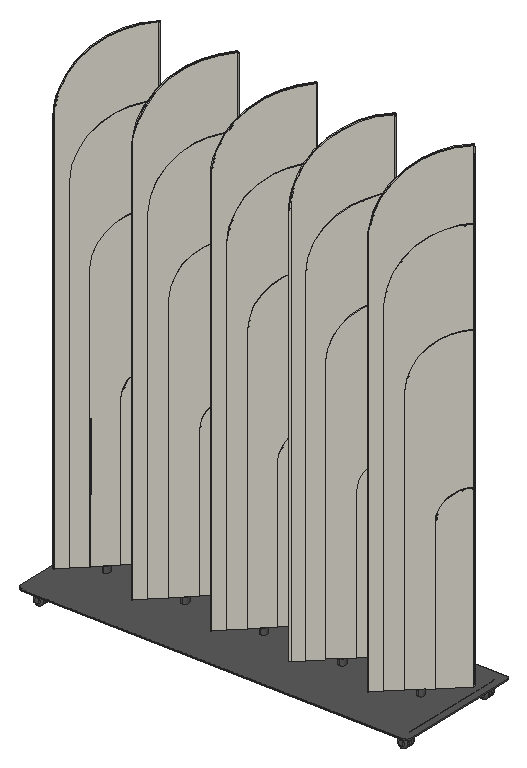
Revit family "Haworth_BuzziBlinds_Screen_Beach", category Furniture, Revit 2018
Family settings
  OmniClass Number = 23.40.20.00
  OmniClass Title = General Furniture and Specialties
  Work Plane-Based = No
  Always vertical = Yes
  Cut with Voids When Loaded = No
  Shared = No
  Room Calculation Point = No
Parameters (values of type "HCBZ-BDB3-CFL - Large Screen - With Lines - With Casters")
  With Lines = yes
  Upholstery Finish [instance] = Haworth _ Fabric _ Buzzifelt _ Offwhite BFE-63
  Warranty = "http://www.haworth.com/resources/product-info/warranties"
  URL - Product = "https://www.haworth.com/products/architectural-interiors/acoustic-solutions/buzziblinds"
  URL = "http://www.haworth.com/our-brands/haworth-collection"
  Size = "Verify Final Dim. w/ Haworth"  # constant formula
  Screen Spacing = 11.811"  # constant formula
  Revision = "1"  # constant formula
  Model = "HCBZ-BD"  # constant formula
  Medium = no
  Manufacturer = "Haworth"  # constant formula
  Large = not(Medium)  # yes
  Description = "Haworth BuzziBlinds - Beach Large Screen - With Lines - With Casters"
  Casters = yes
  Base Finish [instance] = Haworth _ Paint _ Collection Black
  Author = "Haworth (Alias)"  # constant formula
  Assembly Code = "E2020200"
  Actual Width = 58.660"  # constant formula
  Actual Height = if(Large, 72.830", 59.060")  # 72.830"
  Actual Depth = 19.290"  # constant formula
Types (9): name | With Lines | Medium | Large | Description | Casters | Actual Height
  (no name) | yes | no | yes | "Haworth BuzziBlinds - Beach Large Screen - With Lines - With Casters" | yes | 72.830"
  HCBZ-BDB3-CFL - Large Screen - With Lines - With Casters | yes | no | yes | "Haworth BuzziBlinds - Beach Large Screen - With Lines - With Casters" | yes | 72.830"
  HCBZ-BDB3-NFL - Large Screen - With Lines - Without Casters | yes | no | yes | "Haworth BuzziBlinds - Beach Large Screen - With Lines - Without Casters" | no | 72.830"
  HCBZ-BDB3-CF - Large Screen - Without Lines - With Casters | no | no | yes | "Haworth BuzziBlinds - Beach Large Screen - Without Lines - With Casters" | yes | 72.830"
  HCBZ-BDB3-N - Large Screen - Without Lines - Without Casters | no | no | yes | "Haworth BuzziBlinds - Beach Large Screen - Without Lines - Without Casters" | no | 72.830"
  HCBZ-BDB2-N - Medium Screen - Without Lines - Without Casters | no | yes | no | "Haworth BuzziBlinds - Beach Medium Screen - Without Lines - Without Casters" | no | 59.060"
  HCBZ-BDB2-CFL - Medium Screen - With Lines - With Casters | yes | yes | no | "Haworth BuzziBlinds - Beach Medium Screen - With Lines - With Casters" | yes | 59.060"
  HCBZ-BDB2-CF - Medium Screen - Without Lines - With Casters | no | yes | no | "Haworth BuzziBlinds - Beach Medium Screen - Without Lines - With Casters" | yes | 59.060"
  HCBZ-BDB2-NFL - Medium Screen - With Lines - Without Casters | yes | yes | no | "Haworth BuzziBlinds - Beach Medium Screen - With Lines - Without Casters" | no | 59.060"
Reference planes (in)
  plane 1: z = 0
  plane 2 "Center Left/Right": x = 0
  plane 3 "Left": x = -29.33
  plane 4 "Right": x = 29.33
  plane 5 "Back": y = 6.80748
  plane 6 "Front": y = -12.48252
  plane 7 "Center FB": y = -2.83752
  plane 8: x = 11.811
  plane 9: x = 23.622
  plane 10: x = -11.811
  plane 11: x = -23.622
Dimensions and locks (in)
  equal spacing: plane 3 "Left", plane 2 "Center Left/Right", plane 4 "Right"
  "Actual Width": plane 3 "Left" to plane 4 "Right"
  "Actual Depth": plane 6 "Front" to plane 5 "Back"
  equal spacing: plane 5 "Back", plane 7 "Center FB", plane 6 "Front"
  "Screen Spacing": plane 11 to plane 10
  "Screen Spacing": plane 10 to plane 2 "Center Left/Right"
  "Screen Spacing": plane 2 "Center Left/Right" to plane 8
  "Screen Spacing": plane 8 to plane 9
  aligned and locked: plane 1 to nested 1
  aligned and locked: plane 7 "Center FB" to nested 1
  aligned and locked: plane 2 "Center Left/Right" to nested 1
  aligned and locked: plane 7 "Center FB" to nested 2
  aligned and locked: plane 7 "Center FB" to nested 3
  aligned and locked: plane 7 "Center FB" to nested 4
  aligned and locked: plane 7 "Center FB" to nested 5
  aligned and locked: plane 7 "Center FB" to nested 6
  aligned and locked: nested 6 to nested 1
  aligned and locked: nested 2 to nested 1
  aligned and locked: nested 3 to nested 1
  aligned and locked: nested 4 to nested 1
  aligned and locked: nested 5 to nested 1
  aligned and locked: nested 2 to plane 11
  aligned and locked: nested 3 to plane 10
  aligned and locked: plane 2 "Center Left/Right" to nested 4
  aligned and locked: plane 8 to nested 5
  aligned and locked: plane 9 to nested 6
Nested families (in)
  nested 1: "Haworth_BuzziBlinds_StraightBase_PART" at (0, 0, 0), type "Straight Base"
  nested 2: "Haworth_BuzziBlinds_BeachScreen_Part" at (-23.622, 0, 0), type "Screen"
  nested 3: "Haworth_BuzziBlinds_BeachScreen_Part" at (-11.811, 0, 0), type "Screen"
  nested 4: "Haworth_BuzziBlinds_BeachScreen_Part" at (0, 0, 0), type "Screen"
  nested 5: "Haworth_BuzziBlinds_BeachScreen_Part" at (11.811, 0, 0), type "Screen"
  nested 6: "Haworth_BuzziBlinds_BeachScreen_Part" at (23.622, 0, 0), type "Screen"
Definition of nested family "Haworth_BuzziBlinds_StraightBase_PART"
  Parameters (values of type "Straight Base")
    Warranty = "http://www.haworth.com/resources/product-info/warranties"
    URL - Product = "https://www.haworth.com/products/architectural-interiors/acoustic-solutions/buzziblinds"
    URL = "http://www.haworth.com/our-brands/haworth-collection"
    Size = "Verify Final Dim. w/ Haworth"  # constant formula
    Revision = "1"  # constant formula
    Model = "HCBZ-BD"  # constant formula
    Manufacturer = "Haworth"  # constant formula
    Description = "Haworth - BuzziBlinds - Base Part"
    Casters = yes
    Caster Finish = none
    Base Offset = if(Casters, 1.430", 0.000")  # 1.430"
    Base Finish = none
    Author = "Haworth (Alias)"  # constant formula
    Assembly Code = "E2020200"
    Arc Radius = 0.750"  # constant formula
    Actual Width = 58.660"
    Actual Depth = 19.290"
  Reference planes (in)
    plane 1: z = 0
    plane 2 "Center Left/Right": x = 0
    plane 3 "Left": x = -29.33
    plane 4 "Right": x = 29.33
    plane 5 "Back": y = 6.80748
    plane 6 "Front": y = -12.48252
    plane 7 "Center FB": y = -2.83752
    plane 8: x = 28.1425
    plane 9: x = -28.1425
    plane 10: z = 1.43
    plane 11 "Middle Base": z = 2.244
    plane 12 "Top Base": z = 2.36211
    plane 13 "Caster Front": y = -10.38976
    plane 14 "Caster Back": y = 4.71473
    plane 15 "Caster Right": x = -27.36243
    plane 16 "Caster Left": x = 27.36243
  Forms (in)
    Extrusion 1, solid, material <- "Base Finish"
      sketch origin (0, 0, 0) x (1, 0, 0) y (0, 1, 0)
        loop
          arc (-28.58, 6.80748) -> (-29.11033, 6.58781) -> (-29.33, 6.05748) r 0.75
          line (-29.33, 6.05748) -> (-29.33, -11.73252)
          arc (-29.33, -11.73252) -> (-29.11033, -12.26285) -> (-28.58, -12.48252) r 0.75
          line (-28.58, -12.48252) -> (28.58, -12.48252)
          arc (28.58, -12.48252) -> (29.11033, -12.26285) -> (29.33, -11.73252) r 0.75
          line (29.33, -11.73252) -> (29.33, 6.05748)
          arc (29.33, 6.05748) -> (29.11033, 6.58781) -> (28.58, 6.80748) r 0.75
          line (28.58, 6.80748) -> (-28.58, 6.80748)
      from 2.244 to 2.36211
    Extrusion 2, solid, material <- "Base Finish"
      sketch origin (0, 0, 8.6974) x (0, -1, 0) y (1, 0, 0)
        loop
          line (-5.62705, 27.3925) -> (-5.62705, -27.3925)
          arc (-5.62705, -27.3925) -> (-5.40738, -27.92283) -> (-4.87705, -28.1425) r 0.75
          line (-4.87705, -28.1425) -> (10.55208, -28.1425)
          arc (10.55208, -28.1425) -> (11.08241, -27.92283) -> (11.30208, -27.3925) r 0.75
          line (11.30208, -27.3925) -> (11.30208, 27.3925)
          arc (11.30208, 27.3925) -> (11.08241, 27.92283) -> (10.55208, 28.1425) r 0.75
          line (10.55208, 28.1425) -> (-4.87705, 28.1425)
          arc (-4.87705, 28.1425) -> (-5.40738, 27.92283) -> (-5.62705, 27.3925) r 0.75
      from -7.2674 to -6.4534
  Lines and regions (in)
    Masking region 1
      outline origin (0, 0, 8.6974) x (0, -1, 0) y (1, 0, 0)
        loop
          arc (-6.80748, -28.58) -> (-6.58781, -29.11033) -> (-6.05748, -29.33) r 0.75
          line (-6.05748, -29.33) -> (11.73252, -29.33)
          arc (11.73252, -29.33) -> (12.26285, -29.11033) -> (12.48252, -28.58) r 0.75
          line (12.48252, -28.58) -> (12.48252, 28.58)
          arc (12.48252, 28.58) -> (12.26285, 29.11033) -> (11.73252, 29.33) r 0.75
          line (11.73252, 29.33) -> (-6.05748, 29.33)
          arc (-6.05748, 29.33) -> (-6.58781, 29.11033) -> (-6.80748, 28.58) r 0.75
          line (-6.80748, 28.58) -> (-6.80748, -28.58)
  Dimensions and locks (in)
    equal spacing: plane 3 "Left", plane 2 "Center Left/Right", plane 4 "Right"
    "Actual Width": plane 3 "Left" to plane 4 "Right"
    "Actual Depth": plane 6 "Front" to plane 5 "Back"
    equal spacing: plane 5 "Back", plane 7 "Center FB", plane 6 "Front"
    locked: plane 9 to plane 3 "Left" at 1.1875
    locked: plane 8 to plane 4 "Right" at 1.1875
    locked: plane 5 "Back" to Extrusion 2 sketch curve at 1.18043
    locked: plane 6 "Front" to Extrusion 2 sketch curve at 1.18043
    locked: plane 3 "Left" to plane 15 "Caster Right" at 1.96757
    locked: plane 16 "Caster Left" to plane 4 "Right" at 1.96757
    locked: plane 14 "Caster Back" to plane 5 "Back" at 2.09276
    locked: plane 13 "Caster Front" to plane 6 "Front" at 2.09276
    locked: plane 12 "Top Base" to plane 11 "Middle Base" at 0.11811
    locked: plane 11 "Middle Base" to plane 10 at 0.814
    "Base Offset": plane 10 to plane 1
    "Arc Radius": radius of Extrusion 1 sketch curve  (x4)
    "Arc Radius": radius of Extrusion 2 sketch curve  (x4)
    aligned and locked: Extrusion 1 sketch curve to plane 5 "Back"
    aligned and locked: Extrusion 1 sketch curve to plane 6 "Front"
    aligned and locked: plane 4 "Right" to Extrusion 1 sketch curve
    aligned and locked: plane 3 "Left" to Extrusion 1 sketch curve
    aligned and locked: plane 12 "Top Base" to Extrusion 1
    aligned and locked: Extrusion 1 to plane 11 "Middle Base"
    aligned and locked: Extrusion 2 sketch curve to plane 9
    aligned and locked: Extrusion 2 sketch curve to plane 8
    aligned and locked: Extrusion 2 to plane 10
    aligned and locked: plane 11 "Middle Base" to Extrusion 2
    aligned and locked: nested 1 to plane 13 "Caster Front"
    aligned and locked: plane 15 "Caster Right" to nested 1
    aligned and locked: plane 14 "Caster Back" to nested 2
    aligned and locked: plane 15 "Caster Right" to nested 2
    aligned and locked: plane 14 "Caster Back" to nested 3
    aligned and locked: nested 3 to plane 16 "Caster Left"
    aligned and locked: nested 4 to plane 13 "Caster Front"
    aligned and locked: nested 4 to plane 16 "Caster Left"
    aligned and locked: plane 1 to nested 1
    aligned and locked: plane 1 to nested 2
    aligned and locked: plane 1 to nested 4
    aligned and locked: plane 1 to nested 3
    aligned and locked: Masking region 1 sketch curve to plane 6 "Front"
    aligned and locked: Masking region 1 sketch curve to plane 5 "Back"
    aligned and locked: plane 3 "Left" to Masking region 1 sketch curve
    aligned and locked: plane 4 "Right" to Masking region 1 sketch curve
  Automatic sketch dimensions
    Masking region 1 sketch curve to plane 8 = 0.4375"
    Masking region 1 sketch curve to plane 5 "Back" = 0.750"
    Masking region 1 sketch curve to plane 6 "Front" = 0.750"  (x2)
  Nested families (in)
    nested 1: "Haworth_BuzziBlinds_Casters_PART" at (-27.36243, -10.38976, 0), visible <- "Casters", type "Casters"
    nested 2: "Haworth_BuzziBlinds_Casters_PART" at (-27.36243, 4.71473, 0), visible <- "Casters", type "Casters"
    nested 3: "Haworth_BuzziBlinds_Casters_PART" at (27.36243, 4.71473, 0), visible <- "Casters", type "Casters"
    nested 4: "Haworth_BuzziBlinds_Casters_PART" at (27.36243, -10.38976, 0), visible <- "Casters", type "Casters"
  Definition of nested family "Haworth_BuzziBlinds_Casters_PART"
    Parameters (values of type "Casters")
      Warranty = "http://www.haworth.com/product-info/warranties"
      Version = "1"  # constant formula
      URL - Product = "https://www.haworth.com/products/architectural-interiors/acoustic-solutions/buzziblinds"
      URL = "http://www.haworth.com/our-brands/haworth-collection"
      Size = "Verify Final Dim. w/ Haworth"  # constant formula
      Model = "HCBZ-BD"  # constant formula
      Manufacturer = "Haworth"  # constant formula
      Description = "Haworth BuzziBlinds - Casters Part"
      Caster Finish = none
      Author = "Haworth (Alias)"  # constant formula
      Assembly Code = "E2020200"
    Reference planes (in)
      plane 1 "Center Front/Back": y = 0
      plane 2 "Bottom": z = 0
      plane 3 "Center Left/Right": x = 0
      plane 4: z = 1.77165
    Forms (in)
      Revolve 1, solid, material <- "Caster Finish"
        sketch origin (0, 0, 0) x (0, 1, 0) y (0, 0, 1)
          loop
            line (-0.74803, 0.70866) -> (0.74803, 0.70866) -> (0.74803, 1.16732)
            arc (0.74803, 1.16732) -> (0.67481, 1.3441) -> (0.49803, 1.41732) r 0.25
            line (0.49803, 1.41732) -> (0.27559, 1.41732) -> (0.27559, 0.98425) -> (-0.27559, 0.98425) -> (-0.27559, 1.41732) -> (-0.49803, 1.41732)
            arc (-0.49803, 1.41732) -> (-0.67481, 1.3441) -> (-0.74803, 1.16732) r 0.25
            line (-0.74803, 1.16732) -> (-0.74803, 0.70866)
          axis (-0.74803, 0.70866) -> (0.74803, 0.70866)
        angle from 0 to 360
      Revolve 2, solid, material <- "Caster Finish"
        sketch origin (0, 0, 0) x (0, 1, 0) y (0, 0, 1)
          loop
            line (0, 1.77165) -> (0, 0.82558) -> (0.10753, 0.82558) -> (0.10753, 1.77165) -> (0, 1.77165)
          axis (0, 1.77165) -> (0, 0.82558)
        angle from 0 to 360
    Lines and regions (in)
      Masking region 1
        outline origin (0, 0, 0) x (1, 0, 0) y (0, 1, 0)
          loop
            line (-0.27559, -0.27559) -> (-0.70866, -0.27559) -> (-0.70866, -0.49803)
            arc (-0.70866, -0.49803) -> (-0.63544, -0.67481) -> (-0.45866, -0.74803) r 0.25
            line (-0.45866, -0.74803) -> (0.45866, -0.74803)
            arc (0.45866, -0.74803) -> (0.63544, -0.67481) -> (0.70866, -0.49803) r 0.25
            line (0.70866, -0.49803) -> (0.70866, -0.27559) -> (0.27559, -0.27559) -> (0.27559, 0.27559) -> (0.70866, 0.27559) -> (0.70866, 0.49803)
            arc (0.70866, 0.49803) -> (0.63544, 0.67481) -> (0.45866, 0.74803) r 0.25
            line (0.45866, 0.74803) -> (-0.45866, 0.74803)
            arc (-0.45866, 0.74803) -> (-0.63544, 0.67481) -> (-0.70866, 0.49803) r 0.25
            line (-0.70866, 0.49803) -> (-0.70866, 0.27559) -> (-0.27559, 0.27559) -> (-0.27559, -0.27559)
    Dimensions and locks (in)
      locked: plane 4 to plane 2 "Bottom" at 1.77165
      aligned and locked: level to plane 2 "Bottom"
Definition of nested family "Haworth_BuzziBlinds_BeachScreen_Part"
  Parameters (values of type "Screen")
    With Lines = yes
    Upholstery Finish = none
    Warranty = "http://www.haworth.com/resources/product-info/warranties"
    URL - Product = "https://www.haworth.com/products/architectural-interiors/acoustic-solutions/buzziblinds"
    URL = "http://www.haworth.com/our-brands/haworth-collection"
    Size = "Verify Final Dim. w/ Haworth"  # constant formula
    Revision = "1"  # constant formula
    Model = "HCBZ-BD"  # constant formula
    Medium = yes
    Manufacturer = "Haworth"  # constant formula
    Large = yes
    Description = "Haworth - BuzziBlinds - Screen Part"
    Base Finish = none
    Author = "Haworth (Alias)"  # constant formula
    Assembly Code = "E2020200"
    Actual Height = if(Large, 72.830", 59.060")  # 72.830"
  Reference planes (in)
    plane 1: z = 0
    plane 2 "Center Left/Right": x = 0
    plane 3 "Center FB": y = -2.83752
    plane 4 "Screen Bottom": z = 2.36211
    plane 5 "Screen Top": z = 76.0085
    plane 6: z = 3.1785
    plane 7 "Middle Screen": through (4.37098, 1.53289, 48) normal (0.7071, -0.7071, 0)
  Dimensions and locks (in)
    locked: plane 6 to plane 4 "Screen Bottom" at 0.81639
    "Actual Height": plane 5 "Screen Top" to plane 6
    aligned and locked: plane 3 "Center FB" to nested 2
    aligned and locked: plane 3 "Center FB" to nested 1
    aligned and locked: plane 2 "Center Left/Right" to nested 1
    aligned and locked: plane 2 "Center Left/Right" to nested 2
  Nested families (in)
    nested 1: "Haworth_BuzziBlinds_BeachScreen_Medium_Part" at (0, 0, 0), visible <- "Medium", type "Screen"
    nested 2: "Haworth_BuzziBlinds_BeachScreen_Large_Part" at (0, 0, 0), visible <- "Large", type "Screen"
  Definition of nested family "Haworth_BuzziBlinds_BeachScreen_Medium_Part"
    Parameters (values of type "Screen")
      With Lines = yes
      Upholstery Finish = none
      Warranty = "http://www.haworth.com/resources/product-info/warranties"
      URL - Product = "https://www.haworth.com/products/architectural-interiors/acoustic-solutions/buzziblinds"
      URL = "http://www.haworth.com/our-brands/haworth-collection"
      Size = "Verify Final Dim. w/ Haworth"  # constant formula
      Revision = "1"  # constant formula
      Model = "HCBZ-BD"  # constant formula
      Medium Line Dimension = if(With Lines, 1.100", 0.500")  # 1.100"
      Manufacturer = "Haworth"  # constant formula
      Description = "Haworth - BuzziBlinds - Screen Part"
      Base Finish = none
      Author = "Haworth (Alias)"  # constant formula
      Assembly Code = "E2020200"
      Actual Height = 59.060"  # constant formula
    Reference planes (in)
      plane 1: z = 0
      plane 2 "Center Left/Right": x = 0
      plane 3 "Center FB": y = -2.83752
      plane 4 "Screen Bottom": z = 2.36211
      plane 5 "Screen Top": z = 62.2385
      plane 6: z = 3.1785
      plane 7 "Middle Screen": through (4.37098, 1.53289, 48) normal (0.7071, -0.7071, 0)
      plane 8 "Void 1 Start": through (-4.42183, -9.02799, 48) normal (-0.7071, 0.7071, 0)
      plane 9 "Void 2 Start": through (-6.1899, -7.25993, 48) normal (-0.7071, 0.7071, 0)
      plane 10 "Medium Void 1 End": through (-5.19965, -8.25018, 48) normal (-0.7071, 0.7071, 0)
      plane 11 "Medium Void 2 End": through (5.48203, 2.85636, 48) normal (0.7071, -0.7071, 0)
    Forms (in)
      Revolve 1, solid, material <- "Base Finish"
        sketch origin (0, 0, 0) x (0, 1, 0) y (0, 0, 1)
          loop
            line (-2.83752, 3.1785) -> (-2.83752, 2.36211) -> (-2.34547, 2.36211) -> (-2.34547, 3.1785) -> (-2.83752, 3.1785)
          axis (-2.83752, 3.1785) -> (-2.83752, 2.36211)
        angle from 0 to 360
      Blend 2, solid, material <- "Upholstery Finish"
        base sketch origin (0, 0, 0) x (1, 0, 0) y (0, 1, 0)
          loop
            line (4.3739, 1.53368) -> (-4.3685, -7.20505)
            arc (-4.3685, -7.20505) -> (-4.36853, -7.3729) -> (-4.20068, -7.37291) r 0.11868
            line (-4.20068, -7.37291) -> (4.53981, 1.36771)
            arc (4.53981, 1.36771) -> (4.53781, 1.53162) -> (4.3739, 1.53368) r 0.11737
        top sketch origin (0, 0, 0) x (1, 0, 0) y (0, 1, 0)
          loop
            line (4.3739, 1.53368) -> (-4.3685, -7.20505)
            arc (-4.3685, -7.20505) -> (-4.36853, -7.3729) -> (-4.20068, -7.37291) r 0.11868
            line (-4.20068, -7.37291) -> (4.53981, 1.36771)
            arc (4.53981, 1.36771) -> (4.53781, 1.53162) -> (4.3739, 1.53368) r 0.11737
        from 3.1785 to 62.2385
      Blend 3, solid, material <- "Upholstery Finish"
        base sketch origin (2.8381, -2.8381, 0) x (0, 1, 0) y (-1, 0, 0)
          loop
            arc (4.3739, -1.53368) -> (4.53781, -1.53162) -> (4.53981, -1.36771) r 0.11737
            line (4.53981, -1.36771) -> (-4.20068, 7.37291)
            arc (-4.20068, 7.37291) -> (-4.36853, 7.3729) -> (-4.3685, 7.20505) r 0.11868
            line (-4.3685, 7.20505) -> (4.3739, -1.53368)
        top sketch origin (2.8381, -2.8381, 0) x (0, 1, 0) y (-1, 0, 0)
          loop
            arc (4.3739, -1.53368) -> (4.53781, -1.53162) -> (4.53981, -1.36771) r 0.11737
            line (4.53981, -1.36771) -> (-4.20068, 7.37291)
            arc (-4.20068, 7.37291) -> (-4.36853, 7.3729) -> (-4.3685, 7.20505) r 0.11868
            line (-4.3685, 7.20505) -> (4.3739, -1.53368)
        from 3.1785 to 62.2385
      Extrusion 4, void
        sketch origin (1.41905, -1.41905, 0) x (0.707107, 0.707107, 0) y (0, 0, 1)
          loop
            line (5.20728, 63.29742) -> (-9.22013, 63.29742) -> (-9.22013, 52.45514) -> (-8.37235, 52.45514)
            arc (-8.37235, 52.45514) -> (-8.15316, 53.83604) -> (-7.71467, 55.16369) r 8.66247
            arc (-7.71467, 55.16369) -> (-6.02099, 57.90837) -> (-3.57879, 60.01488) r 10.57481
            arc (-3.57879, 60.01488) -> (0.05924, 61.64057) -> (4.00307, 62.21014) r 14.44126
            arc (4.00307, 62.21014) -> (4.21055, 62.12511) -> (4.29662, 61.91806) r 0.29208
            line (4.29662, 61.91806) -> (4.29662, 52.58187) -> (5.20728, 52.58187) -> (5.20728, 63.29742)
        from -1.5 to 1.5
      Extrusion 5, void
        sketch origin (1.41905, -1.41905, 0) x (0.707107, 0.707107, 0) y (0, 0, 1)
          loop
            line (-6.53019, 2.73782) -> (-6.40419, 2.73782) -> (-6.40835, 44.6278)
            arc (-6.40835, 44.6278) -> (-5.50978, 48.38071) -> (-2.99871, 51.31093) r 8.22635
            arc (-2.99871, 51.31093) -> (0.58182, 53.08892) -> (4.5449, 53.61375) r 12.19716
            line (4.5449, 53.61375) -> (4.5449, 53.73981)
            arc (4.5449, 53.73981) -> (0.54305, 53.20883) -> (-3.07248, 51.41308) r 12.32316
            arc (-3.07248, 51.41308) -> (-5.622, 48.43802) -> (-6.53435, 44.62769) r 8.35235
            line (-6.53435, 44.62769) -> (-6.53019, 2.73782)
          loop
            line (-0.46619, 2.73782) -> (-0.34019, 2.73782) -> (-0.34019, 20.97396)
            arc (-0.34019, 20.97396) -> (0.04358, 22.57181) -> (1.11116, 23.82109) r 3.51829
            arc (1.11116, 23.82109) -> (2.7416, 24.61223) -> (4.5449, 24.79205) r 5.16971
            line (4.5449, 24.79205) -> (4.5449, 24.91841)
            arc (4.5449, 24.91841) -> (2.70265, 24.73215) -> (1.03713, 23.92305) r 5.29571
            arc (1.03713, 23.92305) -> (-0.06868, 22.62904) -> (-0.46619, 20.97396) r 3.64429
            line (-0.46619, 20.97396) -> (-0.46619, 2.73782)
          loop
            line (-3.96086, 2.73782) -> (-3.96669, 35.11254)
            arc (-3.96669, 35.11254) -> (-3.41014, 37.71423) -> (-1.83713, 39.85996) r 6.35396
            arc (-1.83713, 39.85996) -> (1.13429, 41.58998) -> (4.5449, 42.02598) r 8.65148
            line (4.5449, 42.02598) -> (4.5449, 42.15231)
            arc (4.5449, 42.15231) -> (1.08944, 41.70782) -> (-1.9209, 39.95408) r 8.77748
            arc (-1.9209, 39.95408) -> (-3.5251, 37.7658) -> (-4.09269, 35.11251) r 6.47996
            line (-4.09269, 35.11251) -> (-4.08686, 2.73782) -> (-3.96086, 2.73782)
        from 0.15021 to 1.25021
      Extrusion 6, void
        sketch origin (1.41905, -1.41905, 0) x (0.707107, 0.707107, 0) y (0, 0, -1)
          loop
            line (-6.53019, -2.73782) -> (-6.53435, -44.62769)
            arc (-6.53435, -44.62769) -> (-5.622, -48.43802) -> (-3.07248, -51.41308) r 8.35235
            arc (-3.07248, -51.41308) -> (0.54305, -53.20883) -> (4.5449, -53.73981) r 12.32316
            line (4.5449, -53.73981) -> (4.5449, -53.61375)
            arc (4.5449, -53.61375) -> (0.58182, -53.08892) -> (-2.99871, -51.31093) r 12.19716
            arc (-2.99871, -51.31093) -> (-5.50978, -48.38071) -> (-6.40835, -44.6278) r 8.22635
            line (-6.40835, -44.6278) -> (-6.40419, -2.73782) -> (-6.53019, -2.73782)
          loop
            line (-0.46619, -2.73782) -> (-0.46619, -20.97396)
            arc (-0.46619, -20.97396) -> (-0.06868, -22.62904) -> (1.03713, -23.92305) r 3.64429
            arc (1.03713, -23.92305) -> (2.70265, -24.73215) -> (4.5449, -24.91841) r 5.29571
            line (4.5449, -24.91841) -> (4.5449, -24.79205)
            arc (4.5449, -24.79205) -> (2.7416, -24.61223) -> (1.11116, -23.82109) r 5.16971
            arc (1.11116, -23.82109) -> (0.04358, -22.57181) -> (-0.34019, -20.97396) r 3.51829
            line (-0.34019, -20.97396) -> (-0.34019, -2.73782) -> (-0.46619, -2.73782)
          loop
            line (-3.96086, -2.73782) -> (-4.08686, -2.73782) -> (-4.09269, -35.11251)
            arc (-4.09269, -35.11251) -> (-3.5251, -37.7658) -> (-1.9209, -39.95408) r 6.47996
            arc (-1.9209, -39.95408) -> (1.08944, -41.70782) -> (4.5449, -42.15231) r 8.77748
            line (4.5449, -42.15231) -> (4.5449, -42.02598)
            arc (4.5449, -42.02598) -> (1.13429, -41.58998) -> (-1.83713, -39.85996) r 8.65148
            arc (-1.83713, -39.85996) -> (-3.41014, -37.71423) -> (-3.96669, -35.11254) r 6.35396
            line (-3.96669, -35.11254) -> (-3.96086, -2.73782)
        from 0.15021 to 1.25021
    Cuts and joins
      Extrusion 4, Extrusion 5, Extrusion 6 cuts Blend 2
      Extrusion 4, Extrusion 5, Extrusion 6 cuts Blend 3
    Lines and regions (in)
      Masking region 1
        outline origin (0, 0, 8.6974) x (0, -1, 0) y (1, 0, 0)
          loop
            arc (-1.53164, 4.37181) -> (-1.53265, 4.53677) -> (-1.36771, 4.53981) r 0.11737
            line (-1.36771, 4.53981) -> (7.37291, -4.20068)
            arc (7.37291, -4.20068) -> (7.37842, -4.36263) -> (7.21721, -4.37912) r 0.11868
            arc (7.21721, -4.37912) -> (7.20073, -4.54032) -> (7.03878, -4.53481) r 0.11868
            line (7.03878, -4.53481) -> (-1.70171, 4.20581)
            arc (-1.70171, 4.20581) -> (-1.69867, 4.37075) -> (-1.53371, 4.36974) r 0.11737
    Dimensions and locks (in)
      locked: plane 6 to plane 4 "Screen Bottom" at 0.81639
      "Actual Height": plane 5 "Screen Top" to plane 6
      "Medium Line Dimension": plane 10 "Medium Void 1 End" to plane 8 "Void 1 Start"
      "Medium Line Dimension": plane 11 "Medium Void 2 End" to plane 9 "Void 2 Start"
      aligned and locked: Blend 2 to plane 6
      aligned and locked: plane 5 "Screen Top" to Blend 2
      aligned and locked: plane 5 "Screen Top" to Blend 3
      aligned and locked: Extrusion 5 to plane 8 "Void 1 Start"
      aligned and locked: plane 10 "Medium Void 1 End" to Extrusion 5
      aligned and locked: Extrusion 6 to plane 9 "Void 2 Start"
      aligned and locked: plane 11 "Medium Void 2 End" to Extrusion 6
    Automatic sketch dimensions
      Revolve 1 sketch curve to plane 3 "Center FB" = 0.000"  (x2)
      Revolve 1 sketch curve to plane 6 = 0.000"
      plane 4 "Screen Bottom" to Revolve 1 sketch curve = 0.000"
      Revolve 1 sketch curve to plane 3 "Center FB" = 0.49205"
      plane 4 "Screen Bottom" to Revolve 1 sketch curve = 0.93211"
      plane 6 to Revolve 1 sketch curve = 0.29688"
      Blend 2 sketch curve to plane 2 "Center Left/Right" = 4.3685"  (x2)
      Blend 2 sketch curve to Blend 2 sketch curve = 0.0839"  (x2)
      Blend 2 sketch curve to Blend 2 sketch curve = 0.08392"  (x4)
      plane 2 "Center Left/Right" to Blend 2 sketch curve = 4.3739"  (x2)
      Blend 2 sketch curve to Blend 2 sketch curve = 0.0809"  (x2)
      Blend 2 sketch curve to Blend 2 sketch curve = 0.08501"  (x2)
      plane 3 "Center FB" to Blend 2 sketch curve = 4.5354"  (x2)
      Blend 2 sketch curve to plane 3 "Center FB" = 4.20522"  (x2)
      Blend 2 sketch curve to Blend 2 sketch curve = 0.08093"  (x2)
      plane 7 "Middle Screen" to Masking region 1 sketch curve = 0.000"
      Masking region 1 sketch curve to plane 3 "Center FB" = 4.53922"
      Masking region 1 sketch curve to Masking region 1 sketch curve = 0.08501"  (x2)
      Masking region 1 sketch curve to Masking region 1 sketch curve = 0.16806"  (x2)
      Masking region 1 sketch curve to Masking region 1 sketch curve = 0.08093"  (x2)
      plane 3 "Center FB" to Masking region 1 sketch curve = 4.20126"
      Masking region 1 sketch curve to Masking region 1 sketch curve = 0.08392"  (x3)
      Masking region 1 sketch curve to Masking region 1 sketch curve = 0.16629"
      Masking region 1 sketch curve to plane 2 "Center Left/Right" = 4.53481"
      Masking region 1 sketch curve to Masking region 1 sketch curve = 0.09452"
      plane 2 "Center Left/Right" to Masking region 1 sketch curve = 4.20581"
      Masking region 1 sketch curve to Masking region 1 sketch curve = 0.08299"
      Masking region 1 sketch curve to Masking region 1 sketch curve = 0.00207"
      Blend 3 sketch curve to plane 3 "Center FB" = 4.36909"  (x2)
      Blend 3 sketch curve to Blend 3 sketch curve = 0.0839"  (x2)
      Blend 3 sketch curve to Blend 3 sketch curve = 0.08392"  (x4)
      plane 3 "Center FB" to Blend 3 sketch curve = 4.37332"  (x2)
      Blend 3 sketch curve to Blend 3 sketch curve = 0.0809"  (x2)
      Blend 3 sketch curve to Blend 3 sketch curve = 0.08501"  (x2)
      plane 2 "Center Left/Right" to Blend 3 sketch curve = 4.53481"  (x2)
      Blend 3 sketch curve to plane 2 "Center Left/Right" = 4.20581"  (x2)
      Blend 3 sketch curve to Blend 3 sketch curve = 0.08093"  (x2)
      plane 5 "Screen Top" to Extrusion 4 sketch curve = 1.05891"
      Extrusion 4 sketch curve to Extrusion 4 sketch curve = 0.84778"
      Extrusion 4 sketch curve to Extrusion 4 sketch curve = 8.63705"
      Extrusion 4 sketch curve to Extrusion 4 sketch curve = 1.76154"
      Extrusion 4 sketch curve to plane 5 "Screen Top" = 0.32044"
      Extrusion 4 sketch curve to Extrusion 4 sketch curve = 3.73984"
      Extrusion 4 sketch curve to Extrusion 4 sketch curve = 2.04936"
      Extrusion 4 sketch curve to Extrusion 4 sketch curve = 2.27037"
      Extrusion 4 sketch curve to Extrusion 4 sketch curve = 0.91066"
      Extrusion 4 sketch curve to Extrusion 4 sketch curve = 9.33619"
      Extrusion 4 sketch curve to plane 5 "Screen Top" = 9.78336"
      Extrusion 4 sketch curve to Extrusion 4 sketch curve = 0.78983"
      Extrusion 4 sketch curve to Extrusion 4 sketch curve = 0.74433"
      Extrusion 4 sketch curve to Extrusion 4 sketch curve = 3.27865"
      Extrusion 4 sketch curve to Extrusion 4 sketch curve = 0.000"  (x2)
      Extrusion 5 sketch curve to Extrusion 5 sketch curve = 0.000"  (x12)
      Extrusion 5 sketch curve to plane 5 "Screen Top" = 17.61082"
      Extrusion 5 sketch curve to plane 4 "Screen Bottom" = 0.37571"  (x3)
      Extrusion 5 sketch curve to Extrusion 5 sketch curve = 0.00416"
      Extrusion 5 sketch curve to plane 5 "Screen Top" = 17.6107"
      Extrusion 5 sketch curve to Extrusion 5 sketch curve = 0.126"  (x5)
      Extrusion 5 sketch curve to plane 5 "Screen Top" = 27.12599"
      Extrusion 5 sketch curve to Extrusion 5 sketch curve = 2.31566"
      Extrusion 5 sketch curve to Extrusion 5 sketch curve = 2.31733"
      Extrusion 5 sketch curve to plane 5 "Screen Top" = 27.12597"
      Extrusion 5 sketch curve to Extrusion 5 sketch curve = 3.5005"
      Extrusion 5 sketch curve to Extrusion 5 sketch curve = 8.22634"
      Extrusion 5 sketch curve to Extrusion 5 sketch curve = 6.35396"
      Extrusion 5 sketch curve to Extrusion 5 sketch curve = 3.51829"
      Extrusion 5 sketch curve to Extrusion 5 sketch curve = 1.5275"
      Extrusion 5 sketch curve to Extrusion 5 sketch curve = 2.32499"
      Extrusion 5 sketch curve to Extrusion 5 sketch curve = 0.97018"
      Extrusion 5 sketch curve to Extrusion 5 sketch curve = 2.72691"
      Extrusion 5 sketch curve to Extrusion 5 sketch curve = 0.40192"
      Extrusion 5 sketch curve to Extrusion 5 sketch curve = 1.3668"
      plane 6 to Extrusion 5 sketch curve = 16.45908"
      Extrusion 5 sketch curve to Extrusion 5 sketch curve = 1.33638"
      Extrusion 5 sketch curve to Extrusion 5 sketch curve = 0.97096"
      Extrusion 5 sketch curve to Extrusion 5 sketch curve = 0.12636"
      Extrusion 5 sketch curve to Extrusion 5 sketch curve = 1.71506"
      Extrusion 5 sketch curve to Extrusion 5 sketch curve = 1.7162"
      Extrusion 5 sketch curve to Extrusion 5 sketch curve = 1.56325"
      Extrusion 5 sketch curve to Extrusion 5 sketch curve = 0.60277"
      Extrusion 5 sketch curve to Extrusion 5 sketch curve = 0.12633"
      Extrusion 5 sketch curve to Extrusion 5 sketch curve = 2.48986"
      Extrusion 5 sketch curve to Extrusion 5 sketch curve = 2.30281"
      Extrusion 5 sketch curve to Extrusion 5 sketch curve = 0.12607"
      Extrusion 6 sketch curve to Extrusion 6 sketch curve = 0.000"  (x12)
      Extrusion 6 sketch curve to plane 5 "Screen Top" = 17.61082"
      Extrusion 6 sketch curve to plane 4 "Screen Bottom" = 0.37571"  (x3)
      Extrusion 6 sketch curve to Extrusion 6 sketch curve = 0.00416"
      Extrusion 6 sketch curve to plane 5 "Screen Top" = 17.6107"
      Extrusion 6 sketch curve to Extrusion 6 sketch curve = 0.126"  (x5)
      Extrusion 6 sketch curve to plane 5 "Screen Top" = 27.12599"
      Extrusion 6 sketch curve to Extrusion 6 sketch curve = 2.31566"
      Extrusion 6 sketch curve to Extrusion 6 sketch curve = 2.31733"
      Extrusion 6 sketch curve to plane 5 "Screen Top" = 27.12597"
      Extrusion 6 sketch curve to Extrusion 6 sketch curve = 3.5005"
      Extrusion 6 sketch curve to Extrusion 6 sketch curve = 8.22634"
      Extrusion 6 sketch curve to Extrusion 6 sketch curve = 6.35396"
      Extrusion 6 sketch curve to Extrusion 6 sketch curve = 3.51829"
      Extrusion 6 sketch curve to Extrusion 6 sketch curve = 1.5275"
      Extrusion 6 sketch curve to Extrusion 6 sketch curve = 2.32499"
      Extrusion 6 sketch curve to Extrusion 6 sketch curve = 0.97018"
      Extrusion 6 sketch curve to Extrusion 6 sketch curve = 2.72691"
      Extrusion 6 sketch curve to Extrusion 6 sketch curve = 0.40192"
      Extrusion 6 sketch curve to Extrusion 6 sketch curve = 1.3668"
      Extrusion 6 sketch curve to Extrusion 6 sketch curve = 0.01437"
      Extrusion 6 sketch curve to plane 5 "Screen Top" = 8.62476"
      Extrusion 6 sketch curve to Extrusion 6 sketch curve = 0.12607"
      Extrusion 6 sketch curve to Extrusion 6 sketch curve = 2.48986"
      Extrusion 6 sketch curve to Extrusion 6 sketch curve = 0.12633"
      Extrusion 6 sketch curve to Extrusion 6 sketch curve = 0.60277"
      Extrusion 6 sketch curve to Extrusion 6 sketch curve = 0.00114"
      Extrusion 6 sketch curve to Extrusion 6 sketch curve = 1.7162"
      Extrusion 6 sketch curve to Extrusion 6 sketch curve = 8.47906"
      Extrusion 6 sketch curve to Extrusion 6 sketch curve = 0.12636"
      Extrusion 6 sketch curve to Extrusion 6 sketch curve = 3.81809"
      Extrusion 6 sketch curve to Extrusion 6 sketch curve = 1.33638"
  Definition of nested family "Haworth_BuzziBlinds_BeachScreen_Large_Part"
    Parameters (values of type "Screen")
      With Lines = yes
      Upholstery Finish = none
      Warranty = "http://www.haworth.com/resources/product-info/warranties"
      URL - Product = "https://www.haworth.com/products/architectural-interiors/acoustic-solutions/buzziblinds"
      URL = "http://www.haworth.com/our-brands/haworth-collection"
      Size = "Verify Final Dim. w/ Haworth"  # constant formula
      Revision = "1"  # constant formula
      Model = "HCBZ-BD"  # constant formula
      Manufacturer = "Haworth"  # constant formula
      Large Line Dimension = if(With Lines, 1.100", 0.500")  # 1.100"
      Description = "Haworth - BuzziBlinds - Screen Part"
      Base Finish = none
      Author = "Haworth (Alias)"  # constant formula
      Assembly Code = "E2020200"
      Actual Height = 72.830"  # constant formula
    Reference planes (in)
      plane 1: z = 0
      plane 2 "Center Left/Right": x = 0
      plane 3 "Center FB": y = -2.83752
      plane 4 "Screen Bottom": z = 2.36211
      plane 5 "Screen Top": z = 76.0085
      plane 6: z = 3.1785
      plane 7 "Middle Screen": through (4.37098, 1.53289, 48) normal (0.7071, -0.7071, 0)
      plane 8 "Void 1 Start": through (-4.42183, -9.02799, 48) normal (-0.7071, 0.7071, 0)
      plane 9 "Large Void 1 End": through (-4.44014, -7.49067, 48) normal (-0.7071, 0.7071, 0)
      plane 10 "Void 2 Start": through (-6.1899, -7.25993, 48) normal (-0.7071, 0.7071, 0)
      plane 11 "Large Void 2 End": through (-4.65257, -7.27824, 48) normal (-0.7071, 0.7071, 0)
    Forms (in)
      Revolve 1, solid, material <- "Base Finish"
        sketch origin (0, 0, 0) x (0, 1, 0) y (0, 0, 1)
          loop
            line (-2.83752, 3.1785) -> (-2.83752, 2.36211) -> (-2.34547, 2.36211) -> (-2.34547, 3.1785) -> (-2.83752, 3.1785)
          axis (-2.83752, 3.1785) -> (-2.83752, 2.36211)
        angle from 0 to 360
      Blend 2, solid, material <- "Upholstery Finish"
        base sketch origin (0, 0, 0) x (1, 0, 0) y (0, 1, 0)
          loop
            line (4.3739, 1.53368) -> (-4.3685, -7.20505)
            arc (-4.3685, -7.20505) -> (-4.36853, -7.3729) -> (-4.20068, -7.37291) r 0.11868
            line (-4.20068, -7.37291) -> (4.53981, 1.36771)
            arc (4.53981, 1.36771) -> (4.53781, 1.53162) -> (4.3739, 1.53368) r 0.11737
        top sketch origin (0, 0, 0) x (1, 0, 0) y (0, 1, 0)
          loop
            line (4.3739, 1.53368) -> (-4.3685, -7.20505)
            arc (-4.3685, -7.20505) -> (-4.36853, -7.3729) -> (-4.20068, -7.37291) r 0.11868
            line (-4.20068, -7.37291) -> (4.53981, 1.36771)
            arc (4.53981, 1.36771) -> (4.53781, 1.53162) -> (4.3739, 1.53368) r 0.11737
        from 3.1785 to 76.0085
      Extrusion 3, void
        sketch origin (1.41905, -1.41905, 0) x (0.707107, 0.707107, 0) y (0, 0, 1)
          loop
            line (-6.52283, 2.72075) -> (-6.39683, 2.72075) -> (-6.40202, 55.06023)
            arc (-6.40202, 55.06023) -> (-4.85087, 60.26895) -> (-0.94906, 64.05216) r 10.74407
            arc (-0.94906, 64.05216) -> (1.70817, 65.10408) -> (4.5511, 65.39589) r 10.43807
            line (4.5511, 65.39589) -> (4.5511, 65.52197)
            arc (4.5511, 65.52197) -> (1.67612, 65.22595) -> (-1.01104, 64.16186) r 10.56407
            arc (-1.01104, 64.16186) -> (-4.95916, 60.33337) -> (-6.52802, 55.06235) r 10.87007
            line (-6.52802, 55.06235) -> (-6.52283, 2.72075)
          loop
            line (-0.45999, 2.72075) -> (-0.33399, 2.72075) -> (-0.33399, 25.36571)
            arc (-0.33399, 25.36571) -> (0.06278, 27.15905) -> (1.12487, 28.65755) r 4.63572
            arc (1.12487, 28.65755) -> (2.71079, 29.62051) -> (4.5511, 29.85646) r 4.46928
            line (4.5511, 29.85646) -> (4.5511, 29.98287)
            arc (4.5511, 29.98287) -> (2.66435, 29.73775) -> (1.03861, 28.74939) r 4.59528
            arc (1.03861, 28.74939) -> (-0.06857, 27.21663) -> (-0.45999, 25.36676) r 4.56692
            line (-0.45999, 25.36676) -> (-0.45999, 2.72075)
          loop
            line (-3.95303, 2.72075) -> (-3.96032, 43.19226)
            arc (-3.96032, 43.19226) -> (-2.76322, 47.18742) -> (0.23287, 50.08876) r 8.26163
            arc (0.23287, 50.08876) -> (2.31939, 50.90834) -> (4.5511, 51.11995) r 8.03945
            line (4.5511, 51.11995) -> (4.5511, 51.24607)
            arc (4.5511, 51.24607) -> (2.28735, 51.03023) -> (0.1709, 50.19846) r 8.16545
            arc (0.1709, 50.19846) -> (-2.87148, 47.25191) -> (-4.08632, 43.19451) r 8.38763
            line (-4.08632, 43.19451) -> (-4.07903, 2.72075) -> (-3.95303, 2.72075)
        from 0.15021 to 1.25021
      Blend 4, solid, material <- "Upholstery Finish"
        base sketch origin (2.8381, -2.8381, 0) x (0, 1, 0) y (-1, 0, 0)
          loop
            arc (4.3739, -1.53368) -> (4.53781, -1.53162) -> (4.53981, -1.36771) r 0.11737
            line (4.53981, -1.36771) -> (-4.20068, 7.37291)
            arc (-4.20068, 7.37291) -> (-4.36853, 7.3729) -> (-4.3685, 7.20505) r 0.11868
            line (-4.3685, 7.20505) -> (4.3739, -1.53368)
        top sketch origin (2.8381, -2.8381, 0) x (0, 1, 0) y (-1, 0, 0)
          loop
            arc (4.3739, -1.53368) -> (4.53781, -1.53162) -> (4.53981, -1.36771) r 0.11737
            line (4.53981, -1.36771) -> (-4.20068, 7.37291)
            arc (-4.20068, 7.37291) -> (-4.36853, 7.3729) -> (-4.3685, 7.20505) r 0.11868
            line (-4.3685, 7.20505) -> (4.3739, -1.53368)
        from 3.1785 to 76.0085
      Extrusion 5, void
        sketch origin (1.41905, -1.41905, 0) x (0.707107, 0.707107, 0) y (0, 0, 1)
          loop
            line (5.20635, 77.06833) -> (-9.22105, 77.06833) -> (-9.22105, 63.38979) -> (-8.3061, 63.38979)
            arc (-8.3061, 63.38979) -> (-6.57492, 69.74099) -> (-1.89135, 74.36689) r 12.67263
            arc (-1.89135, 74.36689) -> (0.94589, 75.54062) -> (3.98463, 75.98072) r 12.39164
            arc (3.98463, 75.98072) -> (4.20421, 75.89353) -> (4.29569, 75.6757) r 0.30508
            line (4.29569, 75.6757) -> (4.29569, 66.35278) -> (5.20635, 66.35278) -> (5.20635, 77.06833)
        from -1.5 to 1.5
      Extrusion 6, void
        sketch origin (1.41905, -1.41905, 0) x (0.707107, 0.707107, 0) y (0, 0, -1)
          loop
            line (-6.52283, -2.72075) -> (-6.52802, -55.06235)
            arc (-6.52802, -55.06235) -> (-4.95916, -60.33337) -> (-1.01104, -64.16186) r 10.87007
            arc (-1.01104, -64.16186) -> (1.67612, -65.22595) -> (4.5511, -65.52197) r 10.56407
            line (4.5511, -65.52197) -> (4.5511, -65.39589)
            arc (4.5511, -65.39589) -> (1.70817, -65.10408) -> (-0.94906, -64.05216) r 10.43807
            arc (-0.94906, -64.05216) -> (-4.85087, -60.26895) -> (-6.40202, -55.06023) r 10.74407
            line (-6.40202, -55.06023) -> (-6.39683, -2.72075) -> (-6.52283, -2.72075)
          loop
            line (-0.45999, -2.72075) -> (-0.45999, -25.36676)
            arc (-0.45999, -25.36676) -> (-0.06857, -27.21663) -> (1.03861, -28.74939) r 4.56692
            arc (1.03861, -28.74939) -> (2.66435, -29.73775) -> (4.5511, -29.98287) r 4.59528
            line (4.5511, -29.98287) -> (4.5511, -29.85646)
            arc (4.5511, -29.85646) -> (2.71079, -29.62051) -> (1.12487, -28.65755) r 4.46928
            arc (1.12487, -28.65755) -> (0.06278, -27.15905) -> (-0.33399, -25.36571) r 4.63572
            line (-0.33399, -25.36571) -> (-0.33399, -2.72075) -> (-0.45999, -2.72075)
          loop
            line (-3.95303, -2.72075) -> (-4.07903, -2.72075) -> (-4.08632, -43.19451)
            arc (-4.08632, -43.19451) -> (-2.87148, -47.25191) -> (0.1709, -50.19846) r 8.38763
            arc (0.1709, -50.19846) -> (2.28735, -51.03023) -> (4.5511, -51.24607) r 8.16545
            line (4.5511, -51.24607) -> (4.5511, -51.11995)
            arc (4.5511, -51.11995) -> (2.31939, -50.90834) -> (0.23287, -50.08876) r 8.03945
            arc (0.23287, -50.08876) -> (-2.76322, -47.18742) -> (-3.96032, -43.19226) r 8.26163
            line (-3.96032, -43.19226) -> (-3.95303, -2.72075)
        from 0.15021 to 1.25021
    Cuts and joins
      Extrusion 3, Extrusion 5, Extrusion 6 cuts Blend 2
      Extrusion 5, Extrusion 6 cuts Blend 4
    Lines and regions (in)
      Masking region 1
        outline origin (0, 0, 8.6974) x (0, -1, 0) y (1, 0, 0)
          loop
            arc (-1.53164, 4.37181) -> (-1.53265, 4.53677) -> (-1.36771, 4.53981) r 0.11737
            line (-1.36771, 4.53981) -> (7.37291, -4.20068)
            arc (7.37291, -4.20068) -> (7.37842, -4.36263) -> (7.21721, -4.37912) r 0.11868
            arc (7.21721, -4.37912) -> (7.20073, -4.54032) -> (7.03878, -4.53481) r 0.11868
            line (7.03878, -4.53481) -> (-1.70171, 4.20581)
            arc (-1.70171, 4.20581) -> (-1.69867, 4.37075) -> (-1.53371, 4.36974) r 0.11737
    Dimensions and locks (in)
      locked: plane 6 to plane 4 "Screen Bottom" at 0.81639
      "Actual Height": plane 5 "Screen Top" to plane 6
      "Large Line Dimension": plane 9 "Large Void 1 End" to plane 8 "Void 1 Start"
      "Large Line Dimension": plane 11 "Large Void 2 End" to plane 10 "Void 2 Start"
      aligned and locked: Blend 2 to plane 6
      aligned and locked: plane 5 "Screen Top" to Blend 2
      aligned and locked: Extrusion 3 to plane 8 "Void 1 Start"
      aligned and locked: plane 9 "Large Void 1 End" to Extrusion 3
      aligned and locked: Extrusion 6 to plane 10 "Void 2 Start"
      aligned and locked: plane 11 "Large Void 2 End" to Extrusion 6
    Automatic sketch dimensions
      Revolve 1 sketch curve to plane 3 "Center FB" = 0.000"  (x2)
      Revolve 1 sketch curve to plane 6 = 0.000"
      plane 4 "Screen Bottom" to Revolve 1 sketch curve = 0.000"
      Revolve 1 sketch curve to plane 3 "Center FB" = 0.49205"
      plane 4 "Screen Bottom" to Revolve 1 sketch curve = 0.93211"
      plane 6 to Revolve 1 sketch curve = 0.29688"
      Blend 2 sketch curve to plane 2 "Center Left/Right" = 4.3685"  (x2)
      Blend 2 sketch curve to Blend 2 sketch curve = 0.0839"  (x2)
      Blend 2 sketch curve to Blend 2 sketch curve = 0.08392"  (x4)
      plane 2 "Center Left/Right" to Blend 2 sketch curve = 4.3739"  (x2)
      Blend 2 sketch curve to Blend 2 sketch curve = 0.0809"  (x2)
      Blend 2 sketch curve to Blend 2 sketch curve = 0.08501"  (x2)
      plane 3 "Center FB" to Blend 2 sketch curve = 4.5354"  (x2)
      Blend 2 sketch curve to plane 3 "Center FB" = 4.20522"  (x2)
      Blend 2 sketch curve to Blend 2 sketch curve = 0.08093"  (x2)
      plane 7 "Middle Screen" to Masking region 1 sketch curve = 0.000"
      Masking region 1 sketch curve to plane 3 "Center FB" = 4.53922"
      Masking region 1 sketch curve to Masking region 1 sketch curve = 0.08501"  (x2)
      Masking region 1 sketch curve to Masking region 1 sketch curve = 0.16806"  (x2)
      Masking region 1 sketch curve to Masking region 1 sketch curve = 0.08093"  (x2)
      plane 3 "Center FB" to Masking region 1 sketch curve = 4.20126"
      Masking region 1 sketch curve to Masking region 1 sketch curve = 0.08392"  (x3)
      Masking region 1 sketch curve to Masking region 1 sketch curve = 0.16629"
      Masking region 1 sketch curve to plane 2 "Center Left/Right" = 4.53481"
      Masking region 1 sketch curve to Masking region 1 sketch curve = 0.09452"
      plane 2 "Center Left/Right" to Masking region 1 sketch curve = 4.20581"
      Masking region 1 sketch curve to Masking region 1 sketch curve = 0.08299"
      Masking region 1 sketch curve to Masking region 1 sketch curve = 0.00207"
      Extrusion 3 sketch curve to Extrusion 3 sketch curve = 0.000"  (x10)
      Extrusion 3 sketch curve to plane 5 "Screen Top" = 20.94616"
      Extrusion 3 sketch curve to plane 4 "Screen Bottom" = 0.35864"  (x3)
      Extrusion 3 sketch curve to Extrusion 3 sketch curve = 0.0052"
      Extrusion 3 sketch curve to plane 5 "Screen Top" = 20.94827"
      Extrusion 3 sketch curve to Extrusion 3 sketch curve = 0.126"  (x5)
      Extrusion 3 sketch curve to plane 5 "Screen Top" = 32.81399"
      Extrusion 3 sketch curve to Extrusion 3 sketch curve = 2.3157"
      Extrusion 3 sketch curve to Extrusion 3 sketch curve = 2.31779"
      Extrusion 3 sketch curve to plane 5 "Screen Top" = 32.81624"
      Extrusion 3 sketch curve to Extrusion 3 sketch curve = 3.50033"
      Extrusion 3 sketch curve to Extrusion 3 sketch curve = 4.44092"
      Extrusion 3 sketch curve to Extrusion 3 sketch curve = 10.58744"
      Extrusion 3 sketch curve to Extrusion 3 sketch curve = 8.14703"
      Extrusion 3 sketch curve to Extrusion 3 sketch curve = 0.07999"
      Extrusion 3 sketch curve to Extrusion 3 sketch curve = 0.10927"
      Extrusion 3 sketch curve to Extrusion 3 sketch curve = 0.11404"
      Extrusion 3 sketch curve to Extrusion 3 sketch curve = 0.15052"
      Extrusion 3 sketch curve to Extrusion 3 sketch curve = 0.36418"
      Extrusion 3 sketch curve to Extrusion 3 sketch curve = 0.36568"
      Extrusion 3 sketch curve to Extrusion 3 sketch curve = 0.21516"
      Extrusion 3 sketch curve to Extrusion 3 sketch curve = 17.91146"
      Extrusion 3 sketch curve to Extrusion 3 sketch curve = 0.0849"
      Extrusion 3 sketch curve to Extrusion 3 sketch curve = 0.08596"
      Extrusion 3 sketch curve to Extrusion 3 sketch curve = 0.03528"
      Extrusion 3 sketch curve to Extrusion 3 sketch curve = 1.19891"
      Extrusion 3 sketch curve to Extrusion 3 sketch curve = 0.12641"
      Extrusion 3 sketch curve to Extrusion 3 sketch curve = 0.29696"
      Extrusion 3 sketch curve to Extrusion 3 sketch curve = 0.19345"
      Extrusion 3 sketch curve to Extrusion 3 sketch curve = 1.03119"
      Extrusion 3 sketch curve to Extrusion 3 sketch curve = 0.12613"
      Extrusion 3 sketch curve to Extrusion 3 sketch curve = 3.45173"
      Extrusion 3 sketch curve to Extrusion 3 sketch curve = 0.26642"
      Extrusion 3 sketch curve to Extrusion 3 sketch curve = 1.34373"
      Extrusion 3 sketch curve to Extrusion 3 sketch curve = 0.12608"
      Blend 4 sketch curve to plane 3 "Center FB" = 4.36909"  (x2)
      Blend 4 sketch curve to Blend 4 sketch curve = 0.0839"  (x2)
      Blend 4 sketch curve to Blend 4 sketch curve = 0.08392"  (x4)
      plane 3 "Center FB" to Blend 4 sketch curve = 4.37332"  (x2)
      Blend 4 sketch curve to Blend 4 sketch curve = 0.0809"  (x2)
      Blend 4 sketch curve to Blend 4 sketch curve = 0.08501"  (x2)
      plane 2 "Center Left/Right" to Blend 4 sketch curve = 4.53481"  (x2)
      Blend 4 sketch curve to plane 2 "Center Left/Right" = 4.20581"  (x2)
      Blend 4 sketch curve to Blend 4 sketch curve = 0.08093"  (x2)
      plane 5 "Screen Top" to Extrusion 5 sketch curve = 1.05982"
      Extrusion 5 sketch curve to Extrusion 5 sketch curve = 0.91496"
      Extrusion 5 sketch curve to plane 5 "Screen Top" = 0.33281"
      Extrusion 5 sketch curve to Extrusion 5 sketch curve = 13.21167"
      Extrusion 5 sketch curve to Extrusion 5 sketch curve = 0.23709"
      Extrusion 5 sketch curve to Extrusion 5 sketch curve = 0.06798"
      Extrusion 5 sketch curve to Extrusion 5 sketch curve = 0.13875"
      Extrusion 5 sketch curve to Extrusion 5 sketch curve = 0.91066"
      Extrusion 5 sketch curve to Extrusion 5 sketch curve = 9.32292"
      Extrusion 5 sketch curve to Extrusion 5 sketch curve = 2.76132"
      Extrusion 5 sketch curve to plane 5 "Screen Top" = 12.61872"
      Extrusion 5 sketch curve to Extrusion 5 sketch curve = 0.24434"
      Extrusion 5 sketch curve to Extrusion 5 sketch curve = 0.000"
      Extrusion 6 sketch curve to Extrusion 6 sketch curve = 0.000"  (x10)
      Extrusion 6 sketch curve to plane 5 "Screen Top" = 20.94616"
      Extrusion 6 sketch curve to plane 4 "Screen Bottom" = 0.35864"  (x3)
      Extrusion 6 sketch curve to Extrusion 6 sketch curve = 0.0052"
      Extrusion 6 sketch curve to plane 5 "Screen Top" = 20.94827"
      Extrusion 6 sketch curve to Extrusion 6 sketch curve = 0.126"  (x5)
      Extrusion 6 sketch curve to plane 5 "Screen Top" = 32.81399"
      Extrusion 6 sketch curve to Extrusion 6 sketch curve = 2.3157"
      Extrusion 6 sketch curve to Extrusion 6 sketch curve = 2.31779"
      Extrusion 6 sketch curve to plane 5 "Screen Top" = 32.81624"
      Extrusion 6 sketch curve to Extrusion 6 sketch curve = 3.50033"
      Extrusion 6 sketch curve to Extrusion 6 sketch curve = 4.44092"
      Extrusion 6 sketch curve to Extrusion 6 sketch curve = 10.58744"
      Extrusion 6 sketch curve to Extrusion 6 sketch curve = 8.14703"
      Extrusion 6 sketch curve to Extrusion 6 sketch curve = 0.07999"
      Extrusion 6 sketch curve to Extrusion 6 sketch curve = 0.10927"
      Extrusion 6 sketch curve to Extrusion 6 sketch curve = 0.11404"
      Extrusion 6 sketch curve to Extrusion 6 sketch curve = 0.15052"
      Extrusion 6 sketch curve to Extrusion 6 sketch curve = 0.36418"
      Extrusion 6 sketch curve to Extrusion 6 sketch curve = 0.36568"
      Extrusion 6 sketch curve to Extrusion 6 sketch curve = 0.21516"
      Extrusion 6 sketch curve to plane 5 "Screen Top" = 10.61261"
      Extrusion 6 sketch curve to Extrusion 6 sketch curve = 0.12608"
      Extrusion 6 sketch curve to Extrusion 6 sketch curve = 10.43167"
      Extrusion 6 sketch curve to Extrusion 6 sketch curve = 0.26642"
      Extrusion 6 sketch curve to Extrusion 6 sketch curve = 3.45173"
      Extrusion 6 sketch curve to Extrusion 6 sketch curve = 0.12613"
      Extrusion 6 sketch curve to Extrusion 6 sketch curve = 8.03119"
      Extrusion 6 sketch curve to Extrusion 6 sketch curve = 0.19345"
      Extrusion 6 sketch curve to Extrusion 6 sketch curve = 12.91243"
      Extrusion 6 sketch curve to Extrusion 6 sketch curve = 0.12641"
      Extrusion 6 sketch curve to Extrusion 6 sketch curve = 4.45441"
      Extrusion 6 sketch curve to Extrusion 6 sketch curve = 0.03528"
      Extrusion 6 sketch curve to Extrusion 6 sketch curve = 0.00106"
      Extrusion 6 sketch curve to Extrusion 6 sketch curve = 0.12124"
